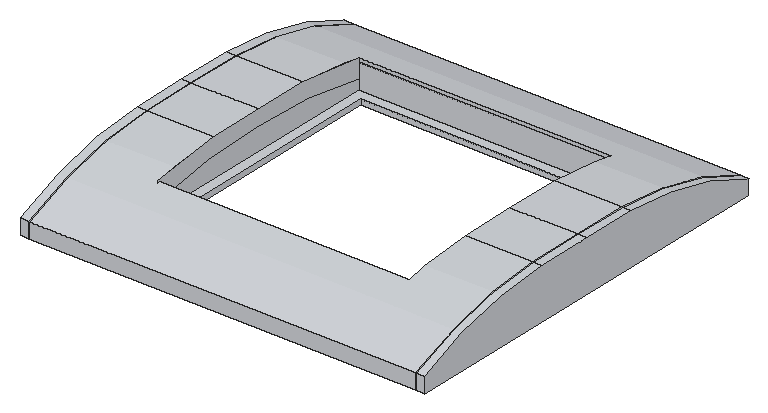
Revit family "Gira_1002733", category Electrical Fixtures, host Face, Revit 2017
Family settings
  Host = Face
  Maintain Annotation Orientation = No
  Round Connector Dimension = Use Diameter
  Part Type = Normal
  Cut with Voids When Loaded = No
  Shared = No
  Room Calculation Point = No
Parameters (values of type "Abdeckrahmen 2f o.M. Zwischenr. RW Gira Event Klar Schwarz")
  Werkstoffgüte = "Thermoplast"
  Werkstoff = "Kunststoff"
  URL = "http://katalog.gira.de/de_DE/datenblatt.html?artikelnr=1002733"
  Transparent = "No"
  Textfeld/Beschriftungsfläche = "No"
  Schutzart (IP) = "IP20"
  Region = "DE"
  Oberfläche = "sonstige"
  Name = "Abdeckrahmen 2f o.M. Zwischenr. RW Gira Event Klar Schwarz"
  Montagerichtung = "horizontal und vertikal"
  Mit Montagerahmen = "No"
  Mit Klappdeckel = "No"
  Manufacturer URL = "https://www.gira.de/"
  Keynote = "Event_Rahmen_2fach o.Mittelsteg"
  HeinzeBIM = "https://bimportal.heinze.de/bim/abdeckrahmen-2f-o-m-zwischenr-rw-gira-event-klar-schwarz/43b185584b02fe941c015d2d269585b8e1a20fa7"
  Halogenfrei = "Yes"
  HAN = "1002733"
  Geeignet für Unterputz-Installation = "Yes"
  Geeignet für Unterflurkanaldose = "No"
  Geeignet für Geräteeinbaukanal = "No"
  Geeignet für Einbauinstallation = "No"
  GTIN = "4010337070214"
  Farbe = "schwarz"
  Default Elevation = 1219.2 mm
  Data sheet (1) = "https://katalog.gira.de/de_DE/download.html?artikelnr=1002733"
  Category = "Abdeckrahmen"
  Befestigungsart = "Klemmbefestigung"
  Available = "Yes"
  Ausführung der Oberfläche = "glänzend"
  Anzahl der Einheiten vertikal = "2 "
  Anzahl der Einheiten horizontal = "2 "
  Anzahl der Einheiten = "2 "
Reference planes
  plane 1 "Center (Front/Back)": y = 0
  plane 2: z = 0
  plane 3 "Center (Left/Right)": x = 0
Forms (mm)
  Extrusion 1, solid, detail levels fine
    sketch origin (0, 0, 1.55) x (0, 1, 0) y (0, 0, 1)
      loop
        arc (12.445, 9.683) -> (6.223, 9.833) -> (0, 9.85) r 291.636
        arc (0, 9.85) -> (-6.223, 9.833) -> (-12.445, 9.683) r 291.636
        arc (-12.445, 9.683) -> (-29.14, 7.482) -> (-45, 1.823) r 79.728
        line (-45, 1.823) -> (-45, -1.55) -> (-41.777, -1.55) -> (-41.777, -0.55)
        arc (-41.777, -0.55) -> (-21.205, 4.846) -> (0, 6.467) r 118.15
        arc (0, 6.467) -> (21.205, 4.846) -> (41.777, -0.55) r 118.15
        line (41.777, -0.55) -> (41.777, -1.55) -> (45, -1.55) -> (45, 1.823)
        arc (45, 1.823) -> (29.14, 7.482) -> (12.445, 9.683) r 79.728
    from -43 to 43
  Extrusion 2, void, detail levels fine
    sketch origin (0, 0, 0) x (1, 0, 0) y (0, 1, 0)
      loop
        line (-28, -28) -> (28, -28) -> (28, 28) -> (-28, 28) -> (-28, -28)
    from 2.85 to 12
  Extrusion 3, solid, detail levels coarse
    sketch origin (0, 0, 0) x (1, 0, 0) y (0, 1, 0)
      loop
        line (-45, 45) -> (-45, -45) -> (45, -45) -> (45, 45) -> (-45, 45)
    from 0 to 11.4
  Extrusion 4, solid, detail levels medium
    sketch origin (0, 0, 1.55) x (0, 1, 0) y (0, 0, 1)
      loop
        arc (12.445, 9.683) -> (6.223, 9.833) -> (0, 9.85) r 291.636
        arc (0, 9.85) -> (-6.223, 9.833) -> (-12.445, 9.683) r 291.636
        arc (-12.445, 9.683) -> (-29.14, 7.482) -> (-45, 1.823) r 79.728
        line (-45, 1.823) -> (-45, -1.55) -> (45, -1.55) -> (45, 1.823)
        arc (45, 1.823) -> (29.14, 7.482) -> (12.445, 9.683) r 79.728
    from -45 to 45
  Extrusion 5, solid, detail levels fine
    sketch origin (0, 0, 0) x (0, 1, 0) y (0, 0, 1)
      loop
        arc (45, 3.373) -> (29.14, 9.032) -> (12.445, 11.233) r 79.728
        arc (12.445, 11.233) -> (6.223, 11.383) -> (0, 11.4) r 291.636
        arc (0, 11.4) -> (-6.223, 11.383) -> (-12.445, 11.233) r 291.636
        arc (-12.445, 11.233) -> (-29.14, 9.032) -> (-45, 3.373) r 79.728
        line (-45, 3.373) -> (-45, 0) -> (45, 0) -> (45, 3.373)
    from 43 to 45
  Extrusion 6, solid, detail levels fine
    sketch origin (0, 0, 0) x (0, 1, 0) y (0, 0, -1)
      loop
        line (45, -3.373) -> (45, 0) -> (-45, 0) -> (-45, -3.373)
        arc (-45, -3.373) -> (-29.14, -9.032) -> (-12.445, -11.233) r 79.728
        arc (-12.445, -11.233) -> (-6.223, -11.383) -> (0, -11.4) r 291.636
        arc (0, -11.4) -> (6.223, -11.383) -> (12.445, -11.233) r 291.636
        arc (12.445, -11.233) -> (29.14, -9.032) -> (45, -3.373) r 79.728
    from 43 to 45
  Extrusion 7, solid, detail levels fine
    sketch origin (0, 0, 0) x (1, 0, 0) y (0, 1, 0)
      loop
        line (-25.7, 25.7) -> (-25.7, -25.7) -> (25.7, -25.7) -> (25.7, 25.7) -> (-25.7, 25.7)
      loop
        line (-29.495, 27.895) -> (-29.495, -27.895)
        spline (-29.495, -27.895) -> (-29.486, -28.025) -> (-29.461, -28.154) -> (-29.419, -28.278) -> (-29.361, -28.395) -> (-29.288, -28.504) -> (-29.202, -28.602) -> (-29.104, -28.688) -> (-28.995, -28.761) -> (-28.878, -28.819) -> (-28.754, -28.861) -> (-28.625, -28.886) -> (-28.495, -28.895)
        line (-28.495, -28.895) -> (28.495, -28.895)
        spline (28.495, -28.895) -> (28.625, -28.886) -> (28.754, -28.861) -> (28.878, -28.819) -> (28.995, -28.761) -> (29.104, -28.688) -> (29.202, -28.602) -> (29.288, -28.504) -> (29.361, -28.395) -> (29.419, -28.278) -> (29.461, -28.154) -> (29.486, -28.025) -> (29.495, -27.895)
        line (29.495, -27.895) -> (29.495, 27.895)
        spline (29.495, 27.895) -> (29.486, 28.025) -> (29.461, 28.154) -> (29.419, 28.278) -> (29.361, 28.395) -> (29.288, 28.504) -> (29.202, 28.602) -> (29.104, 28.688) -> (28.995, 28.761) -> (28.878, 28.819) -> (28.754, 28.861) -> (28.625, 28.886) -> (28.495, 28.895)
        line (28.495, 28.895) -> (-28.495, 28.895)
        spline (-28.495, 28.895) -> (-28.625, 28.886) -> (-28.754, 28.861) -> (-28.878, 28.819) -> (-28.995, 28.761) -> (-29.104, 28.688) -> (-29.202, 28.602) -> (-29.288, 28.504) -> (-29.361, 28.395) -> (-29.419, 28.278) -> (-29.461, 28.154) -> (-29.486, 28.025) -> (-29.495, 27.895)
    from 1.673 to 8.5
Cuts and joins
  Extrusion 2 cuts Extrusion 1
  Extrusion 2 cuts Extrusion 7
Dimensions and locks
  aligned and locked: plane 2 to host face
  aligned and locked: level to host face
